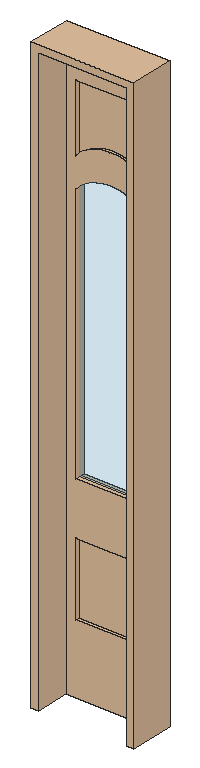
Revit family "dea1638d0b234a60b36bd1e17e4514d9", category Doors, host Wall, Revit 2021
Family settings
  Host = Wall
  OmniClass Number = 23.30.10.14
  OmniClass Title = Passage Doors by Material
  Always vertical = Yes
  Cut with Voids When Loaded = No
  Shared = No
  Room Calculation Point = No
Parameters (values of type "12" x 80"")
  Visual Light Transmittance = 0
  Trim Material = Cherry
  Radius = (0.5 * Width - Stiles) * (0.5 * Width - Stiles) / 4" + 1"  # 6 89/256"
  Lock Rail = 7 1/8"
  Thickness = 1 3/8"
  Thermal Resistance (R) = 1.0696 (h·ft²·°F)/BTU
  Stiles = 1 3/8"
  Solar Heat Gain Coefficient = 0
  Rough Width = Width + 2"  # 14"
  Rough Height = Height + 1"  # 81"
  Panel Material = Cherry
  Height = 80"
  Wall Closure = By host
  Width = 12"
  Heat Transfer Coefficient (U) = 0.9350 BTU/(h·ft²·°F)
  Glazing = Glass
  Function = Exterior
  Frame Material = Cherry
  Door Offset [instance] = 0"
  Bottom Rail = 9 1/2"
  Construction Type = ""
  Assembly Code = "B2030100"
  Analytic Construction = "French door, wood frame with single glass"
Reference planes (in)
  plane 1 "Center (Front/Back)": y = 0
  plane 2 "Center (Left/Right)": x = 0
  plane 3 "Left": x = -7
  plane 4 "Right": x = 7
  plane 5 "Top": z = 81
  plane 6 "Door Offset": y = 2.875
  plane 7 "Interior": y = -3.125
  plane 8 "Door Panel Left": x = -6
  plane 9 "Door Panel Right": x = 6
  plane 10 "Top Of Panel": z = 80
  plane 11: z = 0
  plane 12: z = 0
  plane 13: x = 6.75
  plane 14: y = 1.5
  plane 15: y = 0.125
  plane 16: x = 5.5
  plane 17: y = 1.5
  plane 18: z = 40
  plane 19: z = 75.25
  plane 20 "2": x = -4.625
  plane 21: y = 2.05
  plane 22: y = 2.325
  plane 23: y = 1.775
  plane 24: y = 2.6
  plane 25: z = 40
  plane 26: z = 0
  plane 27 "1": x = 4.625
  plane 28: x = 4
  plane 29: y = 1.95833
  plane 30: y = 2.41667
  plane 31: z = 26.625
  plane 32: y = 2.1875
  plane 33: z = 66
  plane 34: z = 19.5
  plane 35: z = 26.625
  plane 36: z = 9.5
  plane 37: y = 2.41667
  plane 38: y = 1.95833
  plane 39: z = 62
  plane 40: z = 68
  plane 41: z = 64
  plane 42: z = 57.65234
  plane 43: z = 61.65234
  plane 44 "Exterior": y = 2.875
Forms (in)
  Sweep 1, solid, material "Cherry" <- "Frame Material"
    path origin (0, 0, 0) x (1, 0, 0) y (0, 0, 1)
      loop
        line (7, 0) -> (7, 81) -> (-7, 81) -> (-7, 0)
    profile origin (7, 0, 40.5) x (-1, 0, 0) y (0, -1, 0)
      loop
        line (1, -2.875) -> (1, 3.125) -> (0, 3.125) -> (0, -2.875) -> (1, -2.875)
  Extrusion 2, solid, material "Cherry" <- "Panel Material"
    sketch origin (0, 0, 0) x (1, 0, 0) y (0, 0, 1)
      loop
        line (6, 80) -> (-6, 80) -> (-6, 0) -> (6, 0) -> (6, 80)
      loop
        line (-4.625, 62) -> (-4.625, 26.625) -> (4.625, 26.625) -> (4.625, 62)
        arc (4.625, 62) -> (0, 64) -> (-4.625, 62) r 6.34766
      loop
        line (4.625, 19.5) -> (-4.625, 19.5) -> (-4.625, 9.5) -> (4.625, 9.5) -> (4.625, 19.5)
      loop
        line (4.625, 75.25) -> (-4.625, 75.25) -> (-4.625, 66)
        arc (-4.625, 66) -> (0, 68) -> (4.625, 66) r 6.34766
        line (4.625, 66) -> (4.625, 75.25)
    from -2.875 to -1.5
  Extrusion 3, solid, material "Glass" <- "Glazing"
    sketch origin (0, 0, 0) x (1, 0, 0) y (0, 0, 1)
      loop
        line (-4.625, 62) -> (-4.625, 26.625) -> (4.625, 26.625) -> (4.625, 62)
        arc (4.625, 62) -> (0, 64) -> (-4.625, 62) r 6.34766
    from -2.325 to -2.05
  Extrusion 4, solid, material "Cherry" <- "Panel Material"
    sketch origin (0, 0, 0) x (1, 0, 0) y (0, 0, 1)
      loop
        line (4.625, 19.5) -> (-4.625, 19.5) -> (-4.625, 9.5) -> (4.625, 9.5) -> (4.625, 19.5)
      loop
        line (4.625, 75.25) -> (-4.625, 75.25) -> (-4.625, 66)
        arc (-4.625, 66) -> (0, 68) -> (4.625, 66) r 6.34766
        line (4.625, 66) -> (4.625, 75.25)
    from -2.41667 to -1.95833
Lines and regions (in)
  Opening 1
    outline origin (-90, -3.125, 0) x (1, 0, 0) y (0, 0, 1)
      loop
        line (83, 0) -> (97, 0) -> (97, 81) -> (83, 81) -> (83, 0)
  Masking region 1
    outline origin (0, 0, 0) x (1, 0, 0) y (0, 1, 0)
      loop
        line (-7, 2.875) -> (-7, -3.125) -> (-6, -3.125) -> (-6, 2.875) -> (-7, 2.875)
      loop
        line (7, 2.875) -> (6, 2.875) -> (6, -3.125) -> (7, -3.125) -> (7, 2.875)
  Masking region 2
    outline origin (0, 0, 0) x (0, 1, 0) y (0, 0, 1)
      loop
        line (2.875, 81) -> (-3.125, 81) -> (-3.125, 80.75) -> (2.875, 80.75) -> (2.875, 81)
  Masking region 3
    outline origin (0, 0, 0) x (1, 0, 0) y (0, 1, 0)
      loop
        line (-6, 2.875) -> (-6, 1.5) -> (6, 1.5) -> (6, 2.875) -> (-6, 2.875)
  model lines, style "DoorsGlassProjection"
    curve 1: line (4.625, 2.1875, 62) -> (4.625, 2.1875, 26.625)
    curve 2: line (-4.625, 2.1875, 26.625) -> (-4.625, 2.1875, 62)
    curve 3: arc (4.625, 2.1875, 62) -> (0, 2.1875, 64) -> (-4.625, 2.1875, 62) r 6.34766
  symbolic lines, style "DoorsGlassProjection"
    curve 4: line (-6, 2.1875, 0) -> (6, 2.1875, 0)
Text (in)
  text "Exterior" at (-74.96733, 27.31104, 0), in view "Ref. Level"
  text "Interior" at (-74.96733, -25.14366, 0), in view "Ref. Level"
  text "Exterior" at (0, 40.15149, 123.01588), in view "Right"
  text "Interior" at (0, -64.39139, 123.01588), in view "Right"
  text "Interior" at (0, -31.01599, 123.00693), in view "Left"
  text "Exterior" at (0, 54.57065, 123.00693), in view "Left"
Dimensions and locks (in)
  equal spacing: plane 3 "Left", plane 2 "Center (Left/Right)", plane 4 "Right"
  "Rough Height": level to plane 5 "Top"
  equal spacing: plane 8 "Door Panel Left", plane 2 "Center (Left/Right)", plane 9 "Door Panel Right"
  "Width": plane 8 "Door Panel Left" to plane 9 "Door Panel Right"
  "Height": level to plane 10 "Top Of Panel"
  plane 11 to plane 12 = 0"
  locked: plane 13 to plane 4 "Right" at 0.25
  "Thickness": plane 14 to plane 6 "Door Offset"
  locked: plane 14 to plane 15 at 1.375
  locked: plane 16 to plane 9 "Door Panel Right" at 0.5
  "Thickness": plane 6 "Door Offset" to plane 17
  "Rough Width": plane 3 "Left" to plane 4 "Right"
  locked: plane 19 to plane 10 "Top Of Panel" at 4.75
  "Stiles": plane 8 "Door Panel Left" to plane 20 "2"
  equal spacing: plane 11, plane 25, plane 10 "Top Of Panel"
  plane 22 to plane 21 = 0.275"
  plane 12 to plane 26 = 0"
  "Stiles": plane 27 "1" to plane 9 "Door Panel Right"
  plane 28 to plane 4 "Right" = 3"
  equal spacing: plane 17, plane 23, plane 21, plane 22, plane 24, plane 6 "Door Offset"
  equal spacing: plane 17, plane 29, plane 30, plane 6 "Door Offset"
  equal spacing: plane 22, plane 32, plane 21
  "Lock Rail": plane 34 to plane 35
  "Bottom Rail": plane 26 to plane 36
  equal spacing: plane 17, plane 38, plane 37, plane 6 "Door Offset"
  locked: plane 33 to plane 19 at 9.25
  locked: plane 39 to plane 33 at 4
  locked: plane 33 to plane 40 at 2
  locked: plane 39 to plane 41 at 2
  locked: plane 42 to plane 43 at 4
  "Radius": plane 43 to plane 40
  equal spacing: plane 6 "Door Offset", curve 4, plane 17
  plane 6 "Door Offset" to curve 4 = 11/16"
  "Door Offset": plane 44 "Exterior" to plane 6 "Door Offset"
  aligned and locked: plane 3 "Left" to Opening 1 sketch curve
  aligned and locked: plane 5 "Top" to Opening 1 sketch curve  (x2)
  aligned and locked: Opening 1 sketch curve to plane 4 "Right"
  aligned and locked: Opening 1 sketch curve to level
  aligned and locked: plane 7 "Interior" to host wall
  aligned and locked: plane 5 "Top" to Sweep 1 sketch curve
  aligned and locked: plane 4 "Right" to Sweep 1 sketch curve
  aligned and locked: Sweep 1 sketch curve to plane 3 "Left"
  aligned and locked: plane 11 to level
  aligned and locked: plane 11 to Sweep 1 sketch curve  (x2)
  aligned and locked: Sweep 1 sketch curve to plane 9 "Door Panel Right"
  aligned and locked: Sweep 1 sketch curve to plane 7 "Interior"
  aligned and locked: Extrusion 2 sketch curve to plane 10 "Top Of Panel"
  aligned and locked: Extrusion 2 sketch curve to plane 8 "Door Panel Left"
  aligned and locked: Extrusion 2 to plane 17
  aligned and locked: Extrusion 2 to plane 6 "Door Offset"
  aligned and locked: Extrusion 2 sketch curve to plane 20 "2"
  aligned and locked: Extrusion 3 sketch curve to plane 20 "2"
  aligned and locked: plane 22 to Extrusion 3
  aligned and locked: Extrusion 3 to plane 21
  aligned and locked: Masking region 1 sketch curve to plane 3 "Left"
  aligned and locked: plane 8 "Door Panel Left" to Masking region 1 sketch curve
  aligned and locked: Masking region 1 sketch curve to plane 7 "Interior"
  aligned and locked: plane 6 "Door Offset" to Masking region 1 sketch curve
  aligned and locked: plane 9 "Door Panel Right" to Masking region 1 sketch curve
  aligned and locked: Masking region 1 sketch curve to plane 4 "Right"
  aligned and locked: plane 7 "Interior" to Masking region 1 sketch curve
  aligned and locked: Masking region 1 sketch curve to plane 6 "Door Offset"
  aligned and locked: host wall to Sweep 1 sketch curve
  aligned and locked: Masking region 2 sketch curve to host wall
  aligned and locked: host wall to Masking region 2 sketch curve
  aligned and locked: plane 7 "Interior" to Masking region 2 sketch curve
  aligned and locked: Extrusion 3 sketch curve to plane 27 "1"
  aligned and locked: plane 25 to plane 18
  aligned and locked: Masking region 3 sketch curve to Extrusion 2  (x3)
  aligned and locked: Sweep 1 to Masking region 3 sketch curve
  aligned and locked: plane 35 to Extrusion 3 sketch curve
  aligned and locked: plane 35 to Extrusion 2 sketch curve
  aligned and locked: Extrusion 2 sketch curve to plane 26
  aligned and locked: Extrusion 2 sketch curve to plane 27 "1"  (x2)
  aligned and locked: plane 34 to Extrusion 2 sketch curve
  aligned and locked: Extrusion 2 sketch curve to plane 36
  aligned and locked: plane 20 "2" to Extrusion 2 sketch curve
  aligned and locked: Extrusion 4 sketch curve to Extrusion 2  (x4)
  aligned and locked: Extrusion 4 sketch curve to plane 27 "1"
  aligned and locked: plane 19 to Extrusion 4 sketch curve
  aligned and locked: plane 20 "2" to Extrusion 4 sketch curve
  aligned and locked: plane 37 to Extrusion 4
  aligned and locked: Extrusion 4 to plane 38
  aligned and locked: curve 1 to plane 27 "1"
  aligned and locked: plane 20 "2" to curve 2
  aligned and locked: plane 39 to curve 3  (x2)
  aligned and locked: plane 42 to curve 3
  aligned and locked: plane 2 "Center (Left/Right)" to curve 3
  aligned and locked: plane 43 to Extrusion 2 sketch curve
  aligned and locked: plane 2 "Center (Left/Right)" to Extrusion 2 sketch curve  (x2)
  aligned and locked: plane 42 to Extrusion 2 sketch curve
  aligned and locked: plane 39 to Extrusion 2 sketch curve
  aligned and locked: plane 33 to Extrusion 2 sketch curve  (x2)
  aligned and locked: plane 43 to Extrusion 4 sketch curve
  aligned and locked: plane 2 "Center (Left/Right)" to Extrusion 4 sketch curve
  aligned and locked: plane 33 to Extrusion 4 sketch curve  (x2)
  aligned and locked: plane 42 to Extrusion 3 sketch curve
  aligned and locked: plane 2 "Center (Left/Right)" to Extrusion 3 sketch curve
  aligned and locked: plane 39 to Extrusion 3 sketch curve
  aligned and locked: plane 8 "Door Panel Left" to curve 4
  aligned and locked: plane 9 "Door Panel Right" to curve 4
  aligned and locked: host wall to plane 44 "Exterior"
  aligned and locked: plane 6 "Door Offset" to Sweep 1 sketch curve
Automatic sketch dimensions
  plane 5 "Top" to Masking region 2 sketch curve = 1/4"
  Extrusion 2 sketch curve to plane 19 = 0"
  plane 27 "1" to Extrusion 2 sketch curve = 0"
  plane 9 "Door Panel Right" to Extrusion 2 sketch curve = 0"
  Extrusion 2 sketch curve to plane 10 "Top Of Panel" = 0"
  curve 1 to plane 31 = 0"
  curve 2 to plane 31 = 0"
